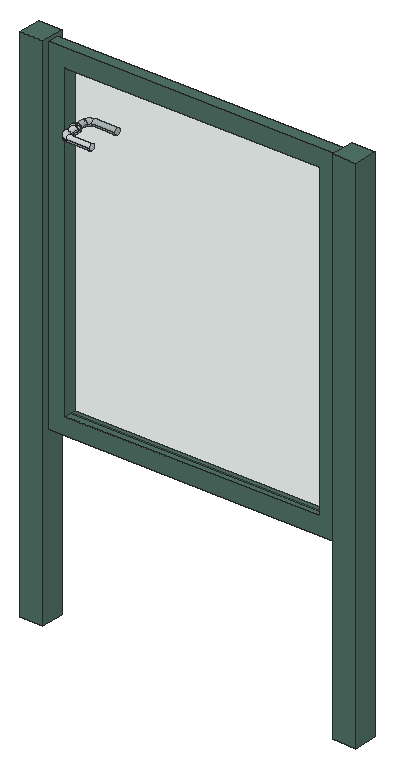
Revit family "Калитка_PROM BARS_H1300-2500", category Специальное оборудование, Revit 2019
Family settings
  Размер круглого соединителя = Использовать диаметр
  Тип детали = Нормальный
  На основе рабочей плоскости = Нет
  Всегда вертикально = Да
  При загрузке вырезать с полостями = Нет
  Общий = Нет
  Точка расчета площади = Нет
Parameters (values of type "PROM BARS PB_Бетонирование в кондукторе")
  Ширина рамки = 60 mm
  Ширина [instance] = 1000 mm
  Фланец под винтовую опору = no
  Фланец = no
  Тип креплния = if(Бетонирование в кондукторе, 1, if([Бетонирование столбы (SI)], 2, if(Фланец, 3, if(Фланец под винтовую опору, 4, 0))))  # 1
  Правое открывание [instance] = yes
  Материал_Столбы = FENSYS_Столб
  Материал_Сетка = FENSYS_Рейка
  Левое открывание [instance] = not(Правое открывание)  # no
  Изготовитель = "FENSYS"  # constant formula
  Высота Замка = 1050 mm
  Высота [instance] = 1300 mm
  Бетонирование столбы (SI) = no
  Бетонирование в кондукторе = yes
  Глубина столба = if(or(Бетонирование в кондукторе, [Бетонирование столбы (SI)]), 500 mm, 0 mm)  # 500 mm
  URL = "https://www.fensys.ru/produkciya/kalitki_1.html"
  PROM_Н = if(PROM PB, "PROM_BARS", "PROM2_BARS")  # "PROM_BARS"
  PROM PB = yes
  PROM 2 P2B = not(PROM PB)  # no
  ADSK_Размер_Ширина [instance] = Ширина  # 1000 mm
  ADSK_Размер_Высота [instance] = Высота  # 1300 mm
  ADSK_Обозначение = "PROM BARS/SIC"
  ADSK_Наименование [instance] = size_lookup(PROM_Н, "", "Нет", ADSK_Размер_Ширина, ADSK_Размер_Высота, Тип креплния)  # "Калитка серии PROM BARS: HxW 1300х1000 мм, бетонирование в кондукторе, замок CISA, рег. петли"
  ADSK_Масса [instance] = size_lookup(PROM_Н, "ADSK_Масса", 0, ADSK_Размер_Ширина, ADSK_Размер_Высота, Тип креплния, ADSK_Код изделия)  # 42.698
  ADSK_Комплект = "Калитка"  # constant formula
  ADSK_Код изделия [instance] = size_lookup(PROM_Н, "ADSK_Код изделия", " ", ADSK_Размер_Ширина, ADSK_Размер_Высота, Тип креплния)  # "37096"
  ADSK_Завод-изготовитель = Изготовитель  # "FENSYS"
  ADSK_Единица измерения = "шт."  # constant formula
Types (9, lengths in mm): name | Фланец под винтовую опору | Фланец | Тип креплния | Высота Замка | Бетонирование столбы (SI) | Бетонирование в кондукторе | Глубина столба | PROM_Н | PROM PB | PROM 2 P2B | ADSK_Обозначение | ADSK_Наименование | ADSK_Масса | ADSK_Код изделия
  (no name) | no | no | 1 | 1050 | no | yes | 500 | "PROM_BARS" | yes | no | "PROM BARS/SIC" | "Калитка серии PROM BARS: HxW 1300х1000 мм, бетонирование в кондукторе, замок CISA, рег. петли" | 42.698 | "37096"
  PROM BARS PB_Фланец под винтовую опору | yes | no | 4 | 1040 | no | no | 0 | "PROM_BARS" | yes | no | "PROM BARS/SITgs" | "Калитка серии PROM BARS: HxW 1300х1000 мм, на фланце под ВО (166x225x8), замок CISA, рег. петли" | 36 | "38247"
  PROM BARS PB_Фланец | no | yes | 3 | 1040 | no | no | 0 | "PROM_BARS" | yes | no | "PROM BARS/SIT" | "Калитка серии PROM BARS: HxW 1300х1000 мм, на фланце (160x160x6), замок CISA, рег. петли" | 35.088 | "36934"
  PROM2 BARS P2B_Фланец | no | yes | 3 | 1040 | no | no | 0 | "PROM2_BARS" | no | yes | "PROM2 BARS/SIT" | "Калитка серии PROM 2 BARS: HxW 1300х1000 мм, на фланце (160x160x6), задвижка, рег. петли" | 35.088 | "59835"
  PROM2 BARS P2B_Фланец под винтовую опору | yes | no | 4 | 1040 | no | no | 0 | "PROM2_BARS" | no | yes | "PROM2 BARS/SITgs" | "Калитка серии PROM 2 BARS: HxW 1300х1000 мм, на фланце под ВО (166x225x8), задвижка, рег. петли" | 36 | "38325"
  PROM2 BARS P2B_Бетонирование в кондукторе | no | no | 1 | 1040 | no | yes | 500 | "PROM2_BARS" | no | yes | "PROM2 BARS/SIC" | "Калитка серии PROM 2 BARS: HxW 1300х1000 мм, бетонирование в кондукторе, задвижка, рег. петли" | 38.088 | "59676"
  PROM BARS PB_Бетонирование в кондукторе | no | no | 1 | 1050 | no | yes | 500 | "PROM_BARS" | yes | no | "PROM BARS/SIC" | "Калитка серии PROM BARS: HxW 1300х1000 мм, бетонирование в кондукторе, замок CISA, рег. петли" | 42.698 | "37096"
  PROM BARS PB_Бетонирование столбы (SI) | no | no | 2 | 1040 | yes | no | 500 | "PROM_BARS" | yes | no | "PROM BARS/SI" | "Калитка серии PROM BARS: HxW 1300х1000 мм, под бетонирование, замок CISA, рег. петли" | 44.918 | "59131"
  PROM2 BARS P2B_Бетонирование столбы (SI) | no | no | 2 | 1040 | yes | no | 500 | "PROM2_BARS" | no | yes | "PROM2 BARS/SI" | "Калитка серии PROM 2 BARS: HxW 1300х1000 мм, под бетонирование, задвижка, рег. петли" | 31.088 | "59733"
Reference planes
  plane 1 "По центру (Вперед/Назад)": y = 0
  plane 2: z = 0
  plane 3 "По центру (Влево/Вправо)": x = 0
  plane 4: x = 1160
  plane 5: y = 40
  plane 6: y = -40
  plane 7: x = 80
  plane 8: x = 1080
  plane 9: z = 1300
  plane 10: z = 100
  plane 11: z = -500
  plane 12: y = 20
  plane 13: y = -20
  plane 14: x = 140
  plane 15: y = 2
  plane 16: y = -2
  plane 17: z = 1240
  plane 18: z = 1050
  plane 19: z = 1310
  plane 20: x = 1000
  plane 21: x = 160
Forms (mm)
  Extrusion 1, solid, material "FENSYS_Столб" <- "Материал_Столбы"
    sketch origin (0, 0, 0) x (1, 0, 0) y (0, 1, 0)
      loop
        line (0, 40) -> (0, -40) -> (80, -40) -> (80, 40) -> (0, 40)
      loop
        line (1080, 40) -> (1080, -40) -> (1160, -40) -> (1160, 40) -> (1080, 40)
    from -500 to 1310
  Sweep 2, solid, material "FENSYS_Столб" <- "Материал_Столбы"
    path origin (0, 0, 0) x (1, 0, 0) y (0, 0, 1)
      loop
        line (80, 1300) -> (80, 100) -> (1080, 100) -> (1080, 1300) -> (80, 1300)
    profile origin (80, 0, 700) x (0, -1, 0) y (1, 0, 0)
      loop
        line (-20, 0) -> (20, 0) -> (20, 60) -> (-20, 60) -> (-20, 0)
  Extrusion 3, solid, material "FENSYS_Рейка" <- "Материал_Сетка"
    sketch origin (0, 0, 0) x (1, 0, 0) y (0, 1, 0)
      loop
        line (140, 2) -> (140, -2) -> (1020, -2) -> (1020, 2) -> (140, 2)
    from 160 to 1240
Lines and regions (mm)
  Masking region 1, detail levels coarse
    outline origin (0, 0, 0) x (1, 0, 0) y (0, 1, 0)
      loop
        line (80, 20) -> (80, -20) -> (1080, -20) -> (1080, 20) -> (80, 20)
Dimensions and locks
  equal spacing: plane 6, plane 1 "По центру (Вперед/Назад)", plane 5
  plane 3 "По центру (Влево/Вправо)" to plane 7 = 80 mm
  plane 8 to plane 4 = 80 mm
  "ADSK_Размер_Высота": plane 9 to plane 2
  "Глубина столба": plane 2 to plane 11
  plane 10 to plane 2 = 100 mm
  plane 5 to plane 1 "По центру (Вперед/Назад)" = 40 mm
  equal spacing: plane 13, plane 1 "По центру (Вперед/Назад)", plane 12
  plane 1 "По центру (Вперед/Назад)" to plane 12 = 20 mm
  equal spacing: plane 16, plane 1 "По центру (Вперед/Назад)", plane 15
  locked: plane 1 "По центру (Вперед/Назад)" to plane 15 at 2
  "Ширина рамки": plane 9 to plane 17
  "Ширина рамки": profile plane to plane 14
  "ADSK_Размер_Ширина": plane 7 to plane 8
  "Высота Замка": plane 18 to plane 2
  locked: plane 19 to plane 9 at 10
  locked: plane 20 to plane 4 at 160
  locked: plane 21 to plane 3 "По центру (Влево/Вправо)" at 160
  aligned and locked: level to plane 2
  aligned and locked: Extrusion 1 sketch curve to plane 5
  aligned and locked: plane 5 to Extrusion 1 sketch curve
  aligned and locked: plane 6 to Extrusion 1 sketch curve
  aligned and locked: Extrusion 1 sketch curve to plane 6
  aligned and locked: Extrusion 1 sketch curve to plane 4
  aligned and locked: plane 8 to Extrusion 1 sketch curve
  aligned and locked: Extrusion 1 sketch curve to plane 7
  aligned and locked: plane 3 "По центру (Влево/Вправо)" to Extrusion 1 sketch curve
  aligned and locked: Extrusion 1 to plane 11
  aligned and locked: Sweep 2 sketch curve to plane 12
  aligned and locked: plane 13 to Sweep 2 sketch curve
  aligned and locked: Sweep 2 sketch curve to profile plane
  aligned and locked: Extrusion 3 sketch curve to plane 15
  aligned and locked: Extrusion 3 sketch curve to plane 16
  aligned and locked: Sweep 2 to Extrusion 3 sketch curve  (x2)
  aligned and locked: Extrusion 3 to Sweep 2
  aligned and locked: plane 17 to Extrusion 3
  aligned and locked: plane 8 to nested 1
  aligned and locked: nested 1 to plane 1 "По центру (Вперед/Назад)"
  aligned and locked: plane 1 "По центру (Вперед/Назад)" to nested 2
  aligned and locked: plane 7 to nested 2
  aligned and locked: Masking region 1 sketch curve to plane 12
  aligned and locked: Masking region 1 sketch curve to plane 13
  aligned and locked: plane 7 to Masking region 1 sketch curve
  aligned and locked: Masking region 1 sketch curve to plane 8
  aligned and locked: plane 19 to Extrusion 1
  aligned and locked: nested 3 to plane 20
  aligned and locked: plane 18 to nested 3
  aligned and locked: plane 1 "По центру (Вперед/Назад)" to nested 3
  aligned and locked: plane 21 to nested 4
  aligned and locked: nested 6 to plane 21
  aligned and locked: plane 20 to nested 5
  aligned and locked: plane 1 "По центру (Вперед/Назад)" to nested 5
  aligned and locked: nested 6 to plane 1 "По центру (Вперед/Назад)"
  aligned and locked: plane 18 to nested 6
  aligned and locked: nested 5 to plane 18
  aligned and locked: nested 4 to plane 18
Automatic sketch dimensions
  Sweep 2 sketch curve to plane 7 = 0 mm
  Sweep 2 sketch curve to plane 8 = 0 mm
  Sweep 2 sketch curve to plane 10 = 0 mm
  Sweep 2 sketch curve to plane 9 = 0 mm
  Sweep 2 sketch curve to plane 14 = 0 mm
Nested families
  nested 1: "Открываение_Обозначение" at (1080, 0, 0) x (-1, 0, 0) z (0, 0, 1), Ширина <- "ADSK_Размер_Ширина", visible <- "Правое открывание", type "Открываение_Обозначение", detail levels coarse
    with Ширина 1000 mm
  nested 2: "Открываение_Обозначение" at (80, 0, 0), Ширина <- "ADSK_Размер_Ширина", visible <- "Левое открывание", type "Открываение_Обозначение", detail levels coarse
    with Ширина 1000 mm
  nested 3: "Дверь_Ручка" at (1000, 0, 1050), visible <- "Левое открывание", type "Дверь_Ручка", detail levels fine
  nested 4: "Дверь_Ручка" at (160, 0, 1050) x (-1, 0, 0) z (0, 0, 1), visible <- "Правое открывание", type "Дверь_Ручка", detail levels fine
  nested 5: "Дверь_Ручка" at (1000, 0, 1050), visible <- "Левое открывание", type "Дверь_Ручка", detail levels fine
  nested 6: "Дверь_Ручка" at (160, 0, 1050) x (-1, 0, 0) z (0, 0, 1), visible <- "Правое открывание", type "Дверь_Ручка", detail levels fine
Definition of nested family "Дверь_Ручка"
  Reference planes
    plane 1 "По центру (Вперед/Назад)": y = 0
    plane 2: z = 0
    plane 3 "По центру (Влево/Вправо)": x = 0
  Forms (mm)
    Sweep 1, solid
      path origin (0, 5, 0) x (1, 0, 0) y (0, 1, 0)
        loop
          line (0, 0) -> (0, 30)
          arc (0, 30) -> (-5.858, 44.142) -> (-20, 50) r 20
          line (-20, 50) -> (-100, 50)
      profile origin (0, 20, 0) x (-1, 0, 0) y (0, 0, 1)
        loop
          circle (0, 0) r 10
    Extrusion 2, solid
      sketch origin (0, 0, 0) x (1, 0, 0) y (0, 0, 1)
        loop
          circle (0, 0) r 15
      from -5 to 0
  Cuts and joins
    joined: Sweep 1, Extrusion 2
  Dimensions and locks
    aligned and locked: level to plane 2
    aligned and locked: Extrusion 2 to Sweep 1
    aligned and locked: plane 1 "По центру (Вперед/Назад)" to Extrusion 2
Definition of nested family "Открываение_Обозначение"
  Parameters (values of type "Открываение_Обозначение")
    Ширина [instance] = 900 mm
  Reference planes
    plane 1 "По центру (Вперед/Назад)": y = 0
    plane 2: z = 0
    plane 3 "По центру (Влево/Вправо)": x = 0
    plane 4: x = 900
  Lines and regions (mm)
    detail lines, in view "Опорный уровень"
      curve 1: line (0, 0, 0) -> (779.423, 450, 0)
  Dimensions and locks
    "Ширина": plane 3 "По центру (Влево/Вправо)" to plane 4
    "Ширина": curve 1 to curve 1
    locked: plane 1 "По центру (Вперед/Назад)" to curve 1 (angle 30.00°)
    aligned and locked: plane 3 "По центру (Влево/Вправо)" to curve 1
    aligned and locked: plane 1 "По центру (Вперед/Назад)" to curve 1
